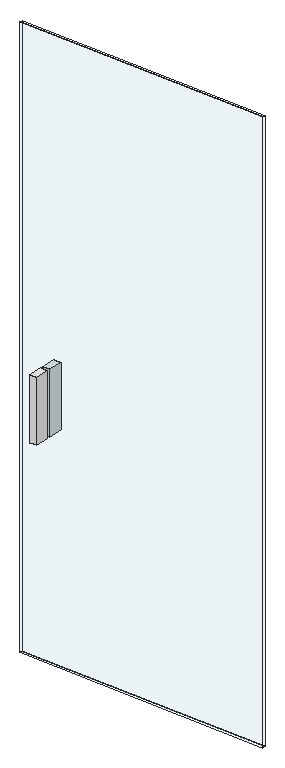
Revit family
Parameters
  Offset = 51.00 mm
  Glazing Material = Glass
  Function = 1
  Assembly Code = ""
Reference planes
  plane 1: y = 0
  plane 2: z = 0
  plane 3: x = 539.723
  plane 4: x = 82.523
  plane 5: x = 996.923
  plane 6: z = 2133.6
  plane 7: y = 51
Forms (mm)
  Extrusion 1, solid, material "Glass" <- "Glazing Material"
    sketch origin (0, 0, 0) x (1, 0, 0) y (0, 1, 0)
      loop
        line (82.523, 51) -> (82.523, 38.3) -> (996.923, 38.3) -> (996.923, 51) -> (82.523, 51)
    from 0 to 2133.6
  Extrusion 2, solid, material "Metal - Aluminum"
    sketch origin (412.723, 51, 2133.6) x (0, 0, -1) y (-1, 0, 0)
      loop
        line (1143, 228.6) -> (1371.6, 228.6) -> (1371.6, 254) -> (1143, 254) -> (1143, 228.6)
    from 0 to 50.8
  Extrusion 3, solid, material "Metal - Aluminum"
    sketch origin (82.523, 38.3, 2133.6) x (0, 0, -1) y (1, 0, 0)
      loop
        line (1143, 76.2) -> (1371.6, 76.2) -> (1371.6, 101.6) -> (1143, 101.6) -> (1143, 76.2)
    from 0 to 50.8
Lines and regions (mm)
  symbolic lines, style "DoorsPanelProjection"
    curve 1: line (996.923, 51, 0) -> (996.923, 965.4, 0)
  symbolic lines, style "Elevation Swing"
    curve 2: line (82.523, 51, 2133.6) -> (996.923, 51, 1066.8)
    curve 3: line (996.923, 51, 1066.8) -> (82.523, 51, 0)
  symbolic lines, style "Plan Swing"
    curve 4: arc (82.523, 51, 0) -> (350.345, 697.578, 0) -> (996.923, 965.4, 0) r 914.4
Text (mm)
  text "Exterior" at (-272.061, 797.241, 0), in view "Base Line"
Dimensions and locks
  equal spacing: plane 4, plane 3, plane 5
  "Offset": plane 1 to plane 7
  equal spacing: plane 2, curve 3, plane 6
  Extrusion 1 to Extrusion 3 = 76.20 mm
  aligned and locked: Extrusion 1 to plane 6
  aligned and locked: Extrusion 1 sketch curve to plane 4
  aligned and locked: Extrusion 1 to plane 2
Automatic sketch dimensions
  curve 4 to plane 4 = 0.00 mm
  curve 4 to plane 5 = 0.00 mm
  curve 4 to plane 7 = 0.00 mm
  curve 2 to plane 4 = 0.00 mm
  curve 2 to plane 6 = 0.00 mm
  curve 3 to level = 0.00 mm
  curve 3 to plane 4 = 0.00 mm
  curve 3 to plane 5 = 0.00 mm
  Extrusion 3 sketch curve to plane 4 = 101.60 mm
  level to Extrusion 3 sketch curve = 990.60 mm
  Extrusion 3 sketch curve to plane 4 = 76.20 mm
  Extrusion 3 sketch curve to Extrusion 3 sketch curve = 228.60 mm
  Extrusion 1 sketch curve to plane 5 = 0.00 mm
  Extrusion 1 sketch curve to plane 7 = 0.00 mm
  Extrusion 1 sketch curve to Extrusion 1 sketch curve = 12.70 mm
  Extrusion 2 sketch curve to plane 4 = 76.20 mm
  level to Extrusion 2 sketch curve = 990.60 mm
  Extrusion 2 sketch curve to plane 4 = 101.60 mm
  Extrusion 2 sketch curve to Extrusion 2 sketch curve = 228.60 mm
  curve 1 to plane 7 = 0.00 mm
